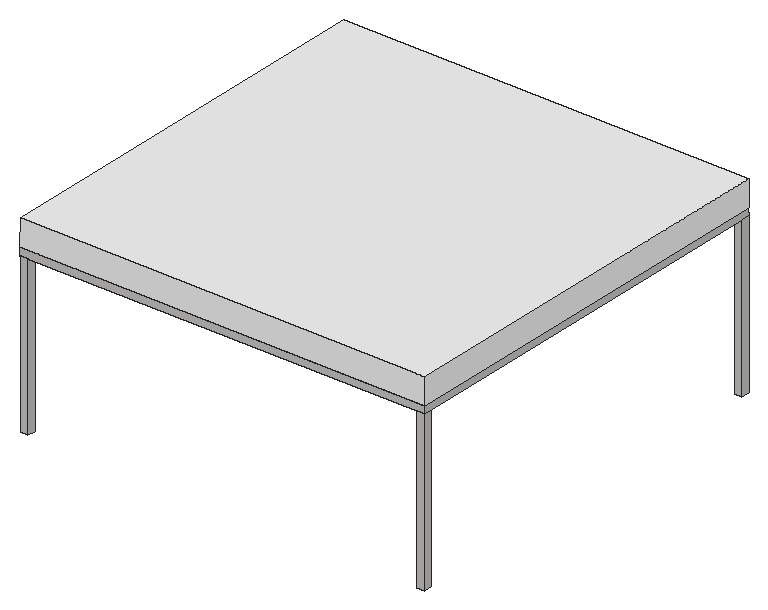
Revit family "803_Salontafel 17 Klubbo", category Furniture, Revit 2014
Parameters (values of type "78x78x37")
  Tafelblad = 803_Salontafel Wit
  Onderstel = Q Inox
  Lengte = 780 mm
  Hoogte = 370 mm
  Breedte = 780 mm
Types (3, lengths in mm): name | Tafelblad | Onderstel | Lengte | Hoogte | Breedte
  (no name) | 803_Salontafel Wit | Q Inox | 780 | 370 | 780
  118x59x27 | none | none | 1180 | 270 | 590
  78x78x37 | 803_Salontafel Wit | Q Inox | 780 | 370 | 780
Reference planes
  plane 1 "Center (Front/Back)": y = 0
  plane 2: z = 0
  plane 3 "Center (Left/Right)": x = 0
  plane 4: x = 780
  plane 5: y = 780
  plane 6: z = 370
Forms (mm)
  Extrusion 1, solid, material "803_Salontafel Wit" <- "Tafelblad"
    sketch origin (-916.793, -1524, 370) x (-1, 0, 0) y (0, -1, 0)
      loop
        line (-916.793, -2304) -> (-916.793, -1524) -> (-1696.793, -1524) -> (-1696.793, -2304) -> (-916.793, -2304)
    from 0 to -50
  Extrusion 2, solid, material "Q Inox" <- "Onderstel"
    sketch origin (-916.793, -1524, 370) x (-1, 0, 0) y (0, -1, 0)
      loop
        line (-916.793, -2304) -> (-916.793, -1524) -> (-1696.793, -1524) -> (-1696.793, -2304) -> (-916.793, -2304)
      loop
        line (-931.793, -2289) -> (-931.793, -1539) -> (-1681.793, -1539) -> (-1681.793, -2289) -> (-931.793, -2289)
    from -50 to -65
  Extrusion 3, solid, material "Q Inox" <- "Onderstel"
    sketch origin (0, 0, 0) x (1, 0, 0) y (0, 1, 0)
      loop
        line (0, 0) -> (15, 0) -> (15, 15) -> (0, 15) -> (0, 0)
      loop
        line (0, 780) -> (0, 765) -> (15, 765) -> (15, 780) -> (0, 780)
      loop
        line (765, 765) -> (780, 765) -> (780, 780) -> (765, 780) -> (765, 765)
      loop
        line (765, 15) -> (765, 0) -> (780, 0) -> (780, 15) -> (765, 15)
    from 0 to 305
Dimensions and locks
  "Breedte": plane 5 to plane 1 "Center (Front/Back)"
  "Lengte": plane 3 "Center (Left/Right)" to plane 4
  "Hoogte": plane 6 to level
  aligned and locked: level to plane 2
  aligned and locked: Extrusion 1 sketch curve to plane 5
  aligned and locked: plane 3 "Center (Left/Right)" to Extrusion 1 sketch curve
  aligned and locked: Extrusion 1 sketch curve to plane 1 "Center (Front/Back)"
  aligned and locked: Extrusion 1 sketch curve to plane 4
  aligned and locked: Extrusion 2 sketch curve to Extrusion 1  (x4)
  aligned and locked: Extrusion 3 sketch curve to Extrusion 1  (x4)
  aligned and locked: Extrusion 2 to Extrusion 3 sketch curve  (x2)
  aligned and locked: Extrusion 3 sketch curve to Extrusion 2  (x6)
  aligned and locked: Extrusion 3 sketch curve to plane 5
  aligned and locked: plane 3 "Center (Left/Right)" to Extrusion 3 sketch curve
  aligned and locked: Extrusion 1 to Extrusion 3 sketch curve
  aligned and locked: Extrusion 3 to Extrusion 2
Automatic sketch dimensions
  Extrusion 2 sketch curve to plane 4 = 15 mm
  plane 3 "Center (Left/Right)" to Extrusion 2 sketch curve = 15 mm
  Extrusion 2 sketch curve to plane 5 = 15 mm
  Extrusion 2 sketch curve to plane 1 "Center (Front/Back)" = 15 mm
  Extrusion 3 sketch curve to plane 3 "Center (Left/Right)" = 0 mm
